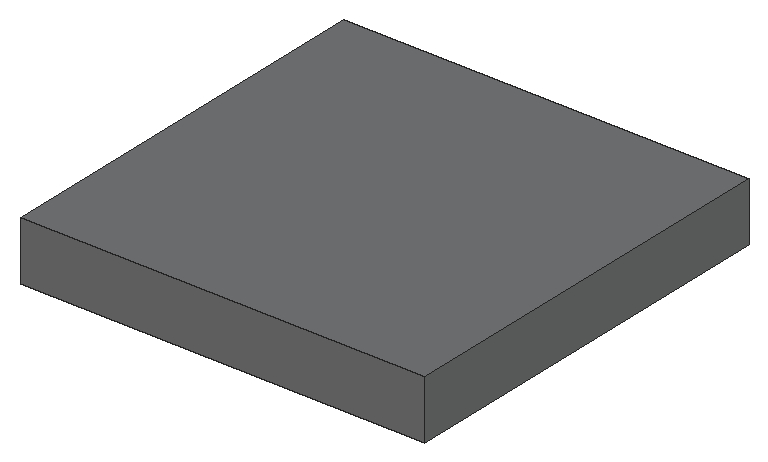
Revit family "Gira_0294005", category Electrical Fixtures, host Face, Revit 2017
Family settings
  Host = Face
  Maintain Annotation Orientation = No
  Round Connector Dimension = Use Diameter
  Part Type = Normal
  Cut with Voids When Loaded = No
  Shared = No
  Room Calculation Point = No
Parameters (values of type "Rocker 2-g arrow sym. System 55 black m")
  URL = "http://katalog.gira.de/en/datenblatt.html?artikelnr=0294005"
  Name = "Rocker 2-g arrow sym. System 55 black m"
  Model = "Two-part rocker"
  Manufacturer URL = "https://www.gira.de/"
  Manufacturer = "Gira"
  Keynote = ""
  HeinzeBIM = "https://bimportal.heinze.de/bim/rocker-2-g-arrow-sym-system-55-black-m/14b42c3b1240f18a4f96b6189196fdca4535c5a7"
  HAN = "0294005"
  GTIN = "4010337038108"
  Description = "Rock.2g arrow sym. Sys55 BKm,Rocker, 2-gang with arrow symbol,,black matt,"
  Default Elevation = 1219.2 mm
  Data sheet (1) = "https://katalog.gira.de/en/download.html?artikelnr=0294005"
  Category = "Control element/cover plate for domestic switching devices"
  BIM (1) = "https://media.stage.bim.site/public/gira/36a6b08/Sys55_Abdeckung_Schalten und Tasten.rfa?public/gira/36a6b08/Sys55_Abdeckung_Schalten und Tasten.rfa"
  Available = "No"
  Anthrazit [instance] = Anthrazit
Reference planes
  plane 1 "Center (Front/Back)": y = 0
  plane 2: z = 0
  plane 3 "Center (Left/Right)": x = 0
Forms (mm)
  Extrusion 1, solid, material "Anthrazit" <- "Anthrazit", detail levels fine
    sketch origin (0, 0, 0) x (1, 0, 0) y (0, 1, 0)
      loop
        line (-27.5, 27.5) -> (-27.5, -27.5) -> (27.5, -27.5) -> (27.5, 27.5) -> (-27.5, 27.5)
    from 0 to 8
  Extrusion 2, void
    sketch origin (0, 0, 0) x (1, 0, 0) y (0, 1, 0)
      loop
        line (26, 26) -> (-26, 26) -> (-26, -26) -> (26, -26) -> (26, 26)
    from 0 to 6
  Extrusion 3, solid, material "Anthrazit" <- "Anthrazit", detail levels medium
    sketch origin (0, 0, 0) x (1, 0, 0) y (0, 1, 0)
      loop
        line (-27.5, 27.5) -> (-27.5, -27.5) -> (27.5, -27.5) -> (27.5, 27.5) -> (-27.5, 27.5)
    from 0 to 8
  Extrusion 4, solid, material "Anthrazit" <- "Anthrazit", detail levels medium
    sketch origin (0, 0, 0) x (1, 0, 0) y (0, 1, 0)
      loop
        line (11, -17.5) -> (11, 17.5) -> (-11, 17.5) -> (-11, -17.5) -> (11, -17.5)
    from -6 to 6
  Extrusion 5, solid, material "Anthrazit" <- "Anthrazit", detail levels fine
    sketch origin (0, 0, 0) x (1, 0, 0) y (0, 1, 0)
      loop
        line (11, 17.5) -> (-11, 17.5) -> (-11, 16.5) -> (11, 16.5) -> (11, 17.5)
      loop
        line (-11, -16.5) -> (-11, -17.5) -> (11, -17.5) -> (11, -16.5) -> (-11, -16.5)
    from -4 to 6
  Extrusion 6, solid, material "Anthrazit" <- "Anthrazit", detail levels fine
    sketch origin (0, 0, 0) x (1, 0, 0) y (0, 1, 0)
      loop
        arc (5, 9.347) -> (0, 10.6) -> (-5, 9.347) r 10.6
        line (-5, 9.347) -> (-5, -9.347)
        arc (-5, -9.347) -> (0, -10.6) -> (5, -9.347) r 10.6
        line (5, -9.347) -> (5, 9.347)
    from -6 to 6
  Extrusion 7, solid, material "Anthrazit" <- "Anthrazit", detail levels coarse
    sketch origin (0, 0, 0) x (1, 0, 0) y (0, 1, 0)
      loop
        line (-27.5, 27.5) -> (-27.5, -27.5) -> (27.5, -27.5) -> (27.5, 27.5) -> (-27.5, 27.5)
    from -6 to 8
Cuts and joins
  Extrusion 2 cuts Extrusion 1
Dimensions and locks
  aligned and locked: plane 2 to host face
  aligned and locked: level to host face
